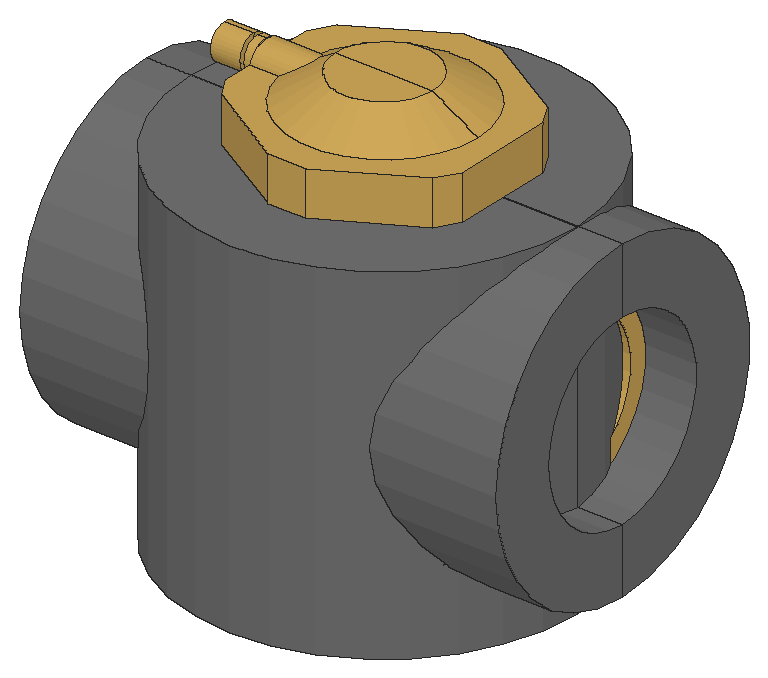
Revit family "Differential Pressure Control Valve 4202 FIX 23kPa", category Rohrzubehör, Revit 2018
Family settings
  Bemaßung runder Anschluss = Durchmesser verwenden
  Teiletyp = Unterbricht
  OmniClass-Nummer = 23.65.55.14
  OmniClass-Titel = Valves for Liquid Services
  Arbeitsebenenbasiert = Nein
  Immer vertikal = Ja
  Beim Laden mit Abzugskörper schneiden = Nein
  Gemeinsam genutzt = Nein
Parameters (values of type "with insulation")
  y2 [instance] = K14 + K9 + H01  # 76.149 mm
  y1 [instance] = (R03 * 2) + R05  # 140.000 mm
  Model = "The differential pressure controller is a straight-version linear controller and works without auxiliary power. The\r\nnominal differential pressure can be continuously adjusted from 50 to 300 mbar and 250 to 600 mbar, respectively.\r\nThe value for the setting can be read from the diagram. The nominal set point is factory preset to a minimum. If\r\nnecessary, the nominal set point can be adjusted using the pre-setting key (1 4002 01). A capillary tube (1000 mm) is\r\nincluded and should be connected to the circuit regulating valve in the supply line."
  Min. operating temperature (anti freeze) = -20 °C  # constant formula
  Max. operating temperature up to DN32 = 130 °C  # constant formula
  Max. operating temperature from DN40 = 110 °C  # constant formula
  Max. differential pressure on the body = 400000.0 Pa  # constant formula
  Max. operating pressure = 2500000.0 Pa  # constant formula
  Valve shaft = "stainless steel 14301"  # constant formula
  URL = "www.herzvalves.com"
  SCRNSEQ = "ARM;ARM_TYP=\"DIFR\";2"
  SCRNCODE = "05;03;4"  # constant formula
  S06 [instance] = 1.000 mm  # constant formula
  S05 [instance] = S01 - 1.000 mm  # 27.500 mm
  S04 [instance] = S02 - 1.000 mm  # 27.000 mm
  S03 [instance] = size_lookup("4202_FIX_23", "S03", 26.500 mm, Nennweite)  # 37.700 mm
  S02 [instance] = size_lookup("4202_FIX_23", "S02", 19.000 mm, Nennweite)  # 28.000 mm
  S01 [instance] = size_lookup("4202_FIX_23", "S01", 17.250 mm, Nennweite)  # 28.500 mm
  Regulator connection nut = "brass CW614N"  # constant formula
  Control range = "FIX 23kPa"  # constant formula
  R06 [instance] = size_lookup("4202_FIX_23", "R06", 14.500 mm, Nennweite)  # 14.500 mm
  R05 [instance] = size_lookup("4202_FIX_23", "R05", 46.000 mm, Nennweite)  # 106.000 mm
  R04 [instance] = size_lookup("4202_FIX_23", "R04", 12.500 mm, Nennweite)  # 14.500 mm
  R03 [instance] = size_lookup("4202_FIX_23", "R03", 10.000 mm, Nennweite)  # 17.000 mm
  R02 = 14.500 mm  # constant formula
  R01 [instance] = size_lookup("4202_FIX_23", "R01", 12.500 mm, Nennweite)  # 33.500 mm
  Min. operating temperature (pure water) = 2 °C  # constant formula
  O-Rings = "EPDM"  # constant formula
  Nennweite [instance] = 50.000 mm
  Membrane body = "brass CW602N"  # constant formula
  Membrane = "EPDM"  # constant formula
  Medium = "Water purity in accordance with the ÖNORM H 5195 and VDI 2035 standards.\r\nEthylene and propylene glycol can be mixed to a ratio of 25 - 50 vol. [%]"
  L2 [instance] = size_lookup("4202_FIX_23", "L2", 161.000 mm, Nennweite)  # 216.500 mm
  L [instance] = size_lookup("4202_FIX_23", "L", 66.000 mm, Nennweite)  # 140.000 mm
  K9 = 4.000 mm  # constant formula
  K8 = 55.000 mm  # constant formula
  K7 = 8.700 mm  # constant formula
  K6 = 11.700 mm  # constant formula
  K5 = 13.000 mm  # constant formula
  K4 = 12.000 mm  # constant formula
  K3 = 15.000 mm  # constant formula
  K2 = 2.350 mm  # constant formula
  K18 = 89.000 mm  # constant formula
  K17 = 66.700 mm  # constant formula
  K16 = 3.000 mm  # constant formula
  K15 = 26.649 mm  # constant formula
  K14 = 16.649 mm  # constant formula
  K13 = 16.649 mm  # constant formula
  K12 = 10.000 mm  # constant formula
  K11 = 35.000 mm  # constant formula
  K10 = 18.250 mm  # constant formula
  K1.1 = 2.350 mm  # constant formula
  K1 = 7.651 mm  # constant formula
  J9 = 15.700 mm  # constant formula
  J8 = 7.850 mm  # constant formula
  J7 = 15.897 mm  # constant formula
  J6 = 3.900 mm  # constant formula
  J5 = 6.500 mm  # constant formula
  J4 = 1.500 mm  # constant formula
  J3 = 3.200 mm  # constant formula
  J2 = 11.000 mm  # constant formula
  J11 = 3.500 mm  # constant formula
  J10 = 18.897 mm  # constant formula
  J1 = 6.500 mm  # constant formula
  Hersteller = "HERZ-Armaturen Ges.m.b.H"  # constant formula
  H2 [instance] = size_lookup("4202_FIX_23", "H2", 28.000 mm, Nennweite)  # 58.000 mm
  H1 [instance] = K1 + K2 + K3 + K4 + K5 + K7 + K8 + K16 + 16.650 mm  # 133.351 mm
  H04 = 4.000 mm  # constant formula
  H03 = 9.800 mm  # constant formula
  H02 [instance] = size_lookup("4202_FIX_23", "H02", 53.000 mm, Nennweite)  # 107.000 mm
  H01 [instance] = size_lookup("4202_FIX_23", "H01", 25.000 mm, Nennweite)  # 55.500 mm
  Body = "DZR brass CC770S"  # constant formula
  G03 [instance] = size_lookup("4202_FIX_23", "G03", 13.200 mm, Nennweite)  # 23.400 mm
  G02 [instance] = size_lookup("4202_FIX_23", "G02", 9.500 mm, Nennweite)  # 28.325 mm
  G01 [instance] = size_lookup("4202_FIX_23", "G01", 13.500 mm, Nennweite)  # 35.000 mm
  Materials = "EPDM gaskets can be affected by mineral oil lubricants and thus lead to failure of the EPDM seals. Please refer\r\nto manufacturers documentation when using ethylene glycol products for frost and corrosion protection."
  Dämmung = yes
  Insulation shell = "EPP (expanded polypropylen)"  # constant formula
  Compression spring = "spring steel, rust and acid persistent"  # constant formula
  DN50 [instance] = Nennweite = 50.000 mm  # yes
  DN40 [instance] = Nennweite = 40.000 mm  # no
  DN32-40 [instance] = or(Nennweite = 32.000 mm, Nennweite = 40.000 mm)  # no
  DN32 [instance] = Nennweite = 32.000 mm  # no
  DN25,32,40 [instance] = or(Nennweite = 25.000 mm, Nennweite = 32.000 mm, Nennweite = 40.000 mm)  # no
  DN25 [instance] = Nennweite = 25.000 mm  # no
  DN20 [instance] = Nennweite = 20.000 mm  # no
  DN15-25 [instance] = or(Nennweite = 15.000 mm, Nennweite = 20.000 mm, Nennweite = 25.000 mm)  # no
  DN15,20,50 [instance] = or(Nennweite = 15.000 mm, Nennweite = 20.000 mm, Nennweite = 50.000 mm)  # yes
  DN15 [instance] = Nennweite = 15.000 mm  # no
  D07 [instance] = if(Nennweite = 15.000 mm, 32.500 mm, if(Nennweite = 20.000 mm, 33.500 mm, if(Nennweite = 25.000 mm, 33.500 mm, if(Nennweite = 32.000 mm, 49.500 mm, if(Nennweite = 40.000 mm, 59.500 mm, if(Nennweite = 50.000 mm, 59.500 mm, 0.000 mm))))))  # 59.500 mm
  D06 [instance] = if(Nennweite = 15.000 mm, 32.500 mm, if(Nennweite = 20.000 mm, 33.500 mm, if(Nennweite = 25.000 mm, 33.500 mm, if(Nennweite = 32.000 mm, 49.500 mm, if(Nennweite = 40.000 mm, 59.500 mm, if(Nennweite = 50.000 mm, 59.500 mm, 0.000 mm))))))  # 59.500 mm
  D05 [instance] = if(Nennweite = 15.000 mm, 36.750 mm, if(Nennweite = 20.000 mm, 40.700 mm, if(Nennweite = 25.000 mm, 49.200 mm, if(Nennweite = 32.000 mm, 54.150 mm, if(Nennweite = 40.000 mm, 60.750 mm, if(Nennweite = 50.000 mm, 72.700 mm, 0.000 mm))))))  # 72.700 mm
  D04 [instance] = if(Nennweite = 15.000 mm, 78.500 mm, if(Nennweite = 20.000 mm, 82.000 mm, if(Nennweite = 25.000 mm, 84.000 mm, if(Nennweite = 32.000 mm, 120.000 mm, if(Nennweite = 40.000 mm, 130.000 mm, if(Nennweite = 50.000 mm, 130.500 mm, 0.000 mm))))))  # 130.500 mm
  D03 [instance] = if(Nennweite = 15.000 mm, 96.000 mm, if(Nennweite = 20.000 mm, 110.000 mm, if(Nennweite = 25.000 mm, 112.000 mm, if(Nennweite = 32.000 mm, 152.000 mm, if(Nennweite = 40.000 mm, 170.000 mm, if(Nennweite = 50.000 mm, 179.000 mm, 0.000 mm))))))  # 179.000 mm
  D02 [instance] = size_lookup("4202_FIX_23", "R05", 41.000 mm, Nennweite)  # 106.000 mm
  D01 [instance] = size_lookup("4202_FIX_23", "G01", 13.220 mm, Nennweite)  # 35.000 mm
  Bestellnummer Dämmung [instance] = if(and(Dämmung, Nennweite = 15.000 mm), 1409611, if(and(Dämmung, Nennweite = 20.000 mm), 1409612, if(and(Dämmung, Nennweite = 25.000 mm), 1409613, if(and(Dämmung, Nennweite = 32.000 mm), 1409614, if(and(Dämmung, Nennweite = 40.000 mm), 1409615, if(and(Dämmung, Nennweite = 50.000 mm), 1409616, 0))))))  # 1409616
  Bestellnummer [instance] = if(Nennweite = 15.000 mm, 1420221, if(Nennweite = 20.000 mm, 1420222, if(Nennweite = 25.000 mm, 1420223, if(Nennweite = 32.000 mm, 1420224, if(Nennweite = 40.000 mm, 1420225, if(Nennweite = 50.000 mm, 1420226, 0))))))  # 1420226
  B2 [instance] = size_lookup("4202_FIX_23", "B2", 31.000 mm, Nennweite)  # 41.000 mm
  B1 [instance] = size_lookup("4202_FIX_23", "B1", 26.000 mm, Nennweite)  # 41.000 mm
  B04 = 100.649 mm  # constant formula
  B03 = 44.500 mm  # constant formula
  B02 = 104.688 mm  # constant formula
  B01 = 10.000 mm  # constant formula
  Application = "Differential pressure controllers are used to stabilize the differential pressure in heating and cooling circuits and ensure the\r\nindependence of the loads from dynamic pressure fluctuations in the system."
  Connection nipple = "brass CW602N"  # constant formula
Types (3, lengths in mm): name | y2 | y1 | Model | S05 | S04 | S03 | S02 | S01 | R05 | R04 | R03 | R01 | Nennweite | Medium | L2 | L | H2 | H02 | H01 | G03 | G02 | G01 | Materials | Dämmung | DN50 | DN15-25 | DN15 | D07 | D06 | D05 | D04 | D03 | D02 | D01 | Bestellnummer Dämmung | Bestellnummer | B2 | B1
  (no name) | 76.149 | 140.000 | "The differential pressure controller is a straight-version linear controller and works without auxiliary power. The\r\nnominal differential pressure can be continuously adjusted from 50 to 300 mbar and 250 to 600 mbar, respectively.\r\nThe value for the setting can be read from the diagram. The nominal set point is factory preset to a minimum. If\r\nnecessary, the nominal set point can be adjusted using the pre-setting key (1 4002 01). A capillary tube (1000 mm) is\r\nincluded and should be connected to the circuit regulating valve in the supply line." | 27.500 | 27.000 | 37.700 | 28.000 | 28.500 | 106.000 | 14.500 | 17.000 | 33.500 | 50.000 | "Water purity in accordance with the ÖNORM H 5195 and VDI 2035 standards.\r\nEthylene and propylene glycol can be mixed to a ratio of 25 - 50 vol. [%]" | 216.500 | 140.000 | 58.000 | 107.000 | 55.500 | 23.400 | 28.325 | 35.000 | "EPDM gaskets can be affected by mineral oil lubricants and thus lead to failure of the EPDM seals. Please refer\r\nto manufacturers documentation when using ethylene glycol products for frost and corrosion protection." | yes | yes | no | no | 59.500 | 59.500 | 72.700 | 130.500 | 179.000 | 106.000 | 35.000 | 1409616 | 1420226 | 41.000 | 41.000
  with insulation | 76.149 | 140.000 | "The differential pressure controller is a straight-version linear controller and works without auxiliary power. The\r\nnominal differential pressure can be continuously adjusted from 50 to 300 mbar and 250 to 600 mbar, respectively.\r\nThe value for the setting can be read from the diagram. The nominal set point is factory preset to a minimum. If\r\nnecessary, the nominal set point can be adjusted using the pre-setting key (1 4002 01). A capillary tube (1000 mm) is\r\nincluded and should be connected to the circuit regulating valve in the supply line." | 27.500 | 27.000 | 37.700 | 28.000 | 28.500 | 106.000 | 14.500 | 17.000 | 33.500 | 50.000 | "Water purity in accordance with the ÖNORM H 5195 and VDI 2035 standards.\r\nEthylene and propylene glycol can be mixed to a ratio of 25 - 50 vol. [%]" | 216.500 | 140.000 | 58.000 | 107.000 | 55.500 | 23.400 | 28.325 | 35.000 | "EPDM gaskets can be affected by mineral oil lubricants and thus lead to failure of the EPDM seals. Please refer\r\nto manufacturers documentation when using ethylene glycol products for frost and corrosion protection." | yes | yes | no | no | 59.500 | 59.500 | 72.700 | 130.500 | 179.000 | 106.000 | 35.000 | 1409616 | 1420226 | 41.000 | 41.000
  without insulation | 49.149 | 66.000 | "The differential pressure controller is a straight-version linear controller and works without auxiliary power. The\r\nnominal differential pressure can be continuously adjusted from 50 to 300 mbar and 250 to 600 mbar, respectively.\r\nThe value for the setting can be read from the diagram. The nominal set point is factory preset to a minimum. If\r\nnecessary, the nominal set point can be adjusted using the pre-setting key (1 4002 01). A capillary (1000 mm) is\r\nincluded and should be connected to the circuit regulating valve in the flow." | 16.250 | 18.000 | 25.600 | 19.000 | 17.250 | 46.000 | 12.500 | 10.000 | 12.500 | 15.000 | "Water purity in accordance with the ÖNORM H 5195 and VDI 2035 standards\r\nEthylene and propylene glycol can be mixed to a ratio of 25 - 50 vol. [%]" | 161.000 | 66.000 | 28.000 | 53.000 | 28.500 | 13.200 | 9.500 | 13.500 | "EPDM gaskets can be affected by Mineral oils lubricants and thus lead to failure of the EPDM seals. Please refer\r\nto manufacturers documentation when using ethylene glycol products for frost and corrosion protection" | no | no | yes | yes | 32.500 | 32.500 | 36.750 | 78.500 | 96.000 | 46.000 | 13.500 | 0 | 1420221 | 31.000 | 26.000
Reference planes
  plane 1 "Mitte (Vorne/hinten)": y = 0
  plane 2: z = 0
  plane 3 "Mitte (Links/rechts)": x = 0
Forms (mm)
  Revolve 1, solid, material "Messing, weicher Gelbton, geschweißt", detail levels fine
    sketch origin (0, 0, 0) x (1, 0, 0) y (0, 0, 1)
      loop
        line (-46.6, 0) -> (46.6, 0) -> (46.6, 28.325) -> (70, 28.325) -> (70, 35) -> (53, 35) -> (53, 33.5) -> (-53, 33.5) -> (-53, 35) -> (-70, 35) -> (-70, 28.325) -> (-46.6, 28.325) -> (-46.6, 0)
      axis (-70, 0) -> (70, 0)
    angle from 0 to 360
  Revolve 2, solid, material "Messing, weicher Gelbton, geschweißt", detail levels fine
    sketch origin (0, 0, 0) x (1, 0, 0) y (0, 0, 1)
      loop
        line (0, -58) -> (0, 0) -> (-27, 0) -> (-27, -48.2) -> (-28, -48.2) -> (-28, -58) -> (0, -58)
      axis (0, 0) -> (0, -58)
    angle from 0 to 360
  Extrusion 3, solid, material "Messing, weicher Gelbton, geschweißt", detail levels fine
    sketch origin (0, 0, 0) x (0, -1, 0) y (1, 0, 0)
      loop
        line (-46, -7.038) -> (-27.114, -39.75) -> (-18.886, -44.5) -> (18.886, -44.5) -> (27.114, -39.75) -> (46, -7.038) -> (46, 7.038) -> (27.114, 39.75) -> (18.886, 44.5) -> (-18.886, 44.5) -> (-27.114, 39.75) -> (-46, 7.038) -> (-46, -7.038)
    from 59.5 to 76.149
  Revolve 4, solid, material "Messing, weicher Gelbton, geschweißt", detail levels fine
    sketch origin (0, 0, -7.051) x (1, 0, 0) y (0, 0, 1)
      loop
        line (0, 83.2) -> (0, 93.2) -> (-18.25, 93.2) -> (-35, 83.2) -> (0, 83.2)
      axis (0, 93.2) -> (0, 83.2)
    angle from 0 to 360
  Revolve 5, solid, material "Messing, weicher Gelbton, geschweißt", visible <- "DN15-25", detail levels fine
    sketch origin (-11, 0, 0) x (1, 0, 0) y (0, 1, 0)
      loop
        line (-3.5, 41) -> (-11.2, 41) -> (-11.2, 0) -> (-3.5, 0) -> (-3.5, 41)
      axis (-3.5, 0) -> (-3.5, 41)
    angle from 0 to 360
  Revolve 6, solid, material "Messing, weicher Gelbton, geschweißt", detail levels fine
    sketch origin (-0.988, 0, -6.853) x (-1, 0, 0) y (0, 0, 1)
      loop
        line (43.5, 82.25) -> (59.2, 82.25) -> (59.2, 88.75) -> (48.2, 88.75) -> (48.2, 86.15) -> (46.7, 86.15) -> (46.7, 88.75) -> (43.5, 88.75) -> (43.5, 82.25)
      axis (43.5, 82.25) -> (59.2, 82.25)
    angle from 0 to 360
  Extrusion 7, solid, material "Messing, weicher Gelbton, geschweißt", detail levels fine
    sketch origin (0, 0, 0) x (0, 1, 0) y (0, 0, -1)
      loop
        line (7.85, -74.047) -> (7.85, -63) -> (-7.85, -63) -> (-7.85, -74.047)
        arc (-7.85, -74.047) -> (0, -81.897) -> (7.85, -74.047) r 7.85
    from 0 to 44.5
  Revolve 8, solid, material "Messing, weicher Gelbton, geschweißt", visible <- "DN15-25", detail levels fine
    sketch origin (-2, 0, 0) x (1, 0, 0) y (0, 1, 0)
      loop
        line (-12.5, 0) -> (-21.5, 0) -> (-21.5, -41) -> (-12.5, -41) -> (-12.5, 0)
      axis (-12.5, 0) -> (-12.5, -41)
    angle from 0 to 360
  Revolve 9, solid, material "Messing, weicher Gelbton, geschweißt", visible <- "DN15-25", detail levels fine
    sketch origin (2, 0, 0) x (1, 0, 0) y (0, 1, 0)
      loop
        line (12.5, 0) -> (12.5, -41) -> (21.6, -41) -> (21.6, 0) -> (12.5, 0)
      axis (12.5, 0) -> (12.5, -41)
    angle from 0 to 360
  Extrusion 10, solid, material "Messing, weicher Gelbton, geschweißt", visible <- "DN32", detail levels fine
    sketch origin (-31.5, 0, 0) x (1, 0, 0) y (0, 1, 0)
      loop
        circle (63, 0) r 6.578
      loop
        circle (63, 0) r 3.28
    from -47 to 0
  Extrusion 11, solid, material "Messing, weicher Gelbton, geschweißt", visible <- "DN32", detail levels fine
    sketch origin (31.5, 0, 0) x (-1, 0, 0) y (0, -1, 0)
      loop
        circle (63, 0) r 6.578
      loop
        circle (63, 0) r 3.28
    from -47 to 0
  Revolve 12, solid, material "Messing, weicher Gelbton, geschweißt", detail levels fine
    sketch origin (0, 0, 0) x (1, 0, 0) y (0, 0, 1)
      loop
        line (-27.5, 0) -> (0, 0) -> (0, 59.5) -> (-23.5, 59.5) -> (-23.5, 55.5) -> (-28.5, 55.5) -> (-28.5, 45.7) -> (-27.5, 45.7) -> (-27.5, 0)
      axis (0, 59.5) -> (0, 0)
    angle from 0 to 360
  Extrusion 13, solid, material "Messing, weicher Gelbton, geschweißt", visible <- "DN40", detail levels fine
    sketch origin (29.382, 0, 0) x (-1, 0, 0) y (0, -1, 0)
      loop
        circle (63, 0) r 6.578
      loop
        circle (63, 0) r 3.28
    from -58 to 0
  Extrusion 14, solid, material "Messing, weicher Gelbton, geschweißt", visible <- "DN40", detail levels fine
    sketch origin (-29.455, 0, 0) x (1, 0, 0) y (0, 1, 0)
      loop
        circle (63, 0) r 6.578
      loop
        circle (63, 0) r 3.28
    from -58 to 0
  Extrusion 15, solid, material "Messing, weicher Gelbton, geschweißt", visible <- "DN50", detail levels fine
    sketch origin (28.422, 0, 0) x (-1, 0, 0) y (0, -1, 0)
      loop
        circle (63, 0) r 6.578
      loop
        circle (63, 0) r 3.28
    from -58 to 0
  Extrusion 16, solid, material "Messing, weicher Gelbton, geschweißt", visible <- "DN50", detail levels fine
    sketch origin (-28.422, 0, 0) x (1, 0, 0) y (0, 1, 0)
      loop
        circle (63, 0) r 6.578
      loop
        circle (63, 0) r 3.28
    from -58 to 0
  Revolve 17, solid, material "Messing, weicher Gelbton, geschweißt", visible <- "DN32-40", detail levels fine
    sketch origin (-11, 0, 0) x (1, 0, 0) y (0, 1, 0)
      loop
        line (-3.5, -41) -> (-3.5, 0) -> (-11.2, 0) -> (-11.2, -41) -> (-3.5, -41)
      axis (-3.5, 0) -> (-3.5, -41)
    angle from 0 to 360
  Revolve 18, solid, material "Kunststoff-Anthrazit/Schwarz", visible <- "Dämmung"
    sketch origin (0, 0, 0) x (1, 0, 0) y (0, 0, 1)
      loop
        line (0, -71) -> (72.7, -71) -> (72.7, 59.5) -> (0, 59.5) -> (0, -71)
      axis (0, 59.5) -> (0, -71)
    angle from 0 to 360
  Revolve 19, solid, material "Kunststoff-Anthrazit/Schwarz", visible <- "Dämmung"
    sketch origin (0, 0, 0) x (1, 0, 0) y (0, 0, 1)
      loop
        line (-89.5, 59.5) -> (-89.5, 35) -> (-53, 35) -> (-53, 0) -> (0, 0) -> (53, 0) -> (53, 35) -> (89.5, 35) -> (89.5, 59.5) -> (-89.5, 59.5)
      axis (-89.5, 0) -> (89.5, 0)
    angle from 0 to 360
Lines and regions (mm)
  model lines, detail levels coarse+medium
    curve 1: line (70, -35, 0) -> (70, 35, 0)
    curve 2: line (70, 35, 0) -> (-70, -35, 0)
    curve 3: line (-70, -35, 0) -> (-70, 35, 0)
    curve 4: line (-70, 35, 0) -> (70, -35, 0)
    curve 5: line (0, -45.5, 0) -> (0, -59.5, 0)
    curve 6: spline (-44.5, -67.824, 0) -> (-42.984, -65.67, 0) -> (-38.538, -63.662, 0) -> (-31.466, -61.938, 0) -> (-22.25, -60.615, 0) -> (-11.517, -59.784, 0) -> (0, -59.5, 0) -> (11.517, -59.784, 0) -> (22.25, -60.615, 0) -> (31.466, -61.938, 0) -> (38.538, -63.662, 0) -> (42.984, -65.67, 0) -> (44.5, -67.825, 0) -> (42.984, -69.979, 0) -> (38.538, -71.987, 0) -> (31.466, -73.711, 0) -> (22.25, -75.034, 0) -> (11.517, -75.865, 0) -> (0, -76.149, 0) -> (-11.517, -75.865, 0) -> (-22.25, -75.034, 0) -> (-31.466, -73.711, 0) -> (-38.538, -71.987, 0) -> (-42.984, -69.979, 0) -> (-44.5, -67.824, 0)
    curve 7: line (0, 0, 35) -> (0, 0, 59.5)
    curve 8: spline (-44.5, 0, 67.825) -> (-42.984, 0, 69.979) -> (-38.538, 0, 71.987) -> (-31.466, 0, 73.711) -> (-22.25, 0, 75.034) -> (-11.517, 0, 75.865) -> (0, 0, 76.149) -> (11.517, 0, 75.865) -> (22.25, 0, 75.034) -> (31.466, 0, 73.711) -> (38.538, 0, 71.987) -> (42.984, 0, 69.979) -> (44.5, 0, 67.824) -> (42.984, 0, 65.67) -> (38.538, 0, 63.662) -> (31.466, 0, 61.938) -> (22.25, 0, 60.615) -> (11.517, 0, 59.784) -> (0, 0, 59.5) -> (-11.517, 0, 59.784) -> (-22.25, 0, 60.615) -> (-31.466, 0, 61.938) -> (-38.538, 0, 63.662) -> (-42.984, 0, 65.67) -> (-44.5, 0, 67.825)
    curve 9: line (0, 0, 35) -> (35, 0, 17.5)
    curve 10: line (0, 0, 35) -> (-35, 0, 17.5)
    curve 11: line (0, -45.5, 0) -> (-18.2, -9.1, 0)
    curve 12: line (0, -45.5, 0) -> (18.2, -9.1, 0)
    curve 13: line (-70, 0, 35) -> (70, 0, -35)
    curve 14: line (70, 0, -35) -> (70, 0, 35)
    curve 15: line (70, 0, 35) -> (-70, 0, -35)
    curve 16: line (-70, 0, -35) -> (-70, 0, 35)
Dimensions and locks
  "G01": Revolve 1 sketch curve to Revolve 1 sketch curve  (x2)
  "R01": Revolve 1 sketch curve to Revolve 1 sketch curve
  "R03": Revolve 1 sketch curve to Revolve 1 sketch curve  (x2)
  "K10": Revolve 4 sketch curve to Revolve 4 sketch curve
  "K11": Revolve 4 sketch curve to Revolve 4 sketch curve
  "B1": Revolve 5 sketch curve to Revolve 5 sketch curve
  "J1": Revolve 6 sketch curve to Revolve 6 sketch curve
  "J3": Revolve 6 sketch curve to Revolve 6 sketch curve
  "J4": Revolve 6 sketch curve to Revolve 6 sketch curve
  "J2": Revolve 6 sketch curve to Revolve 6 sketch curve
  "J5": Revolve 6 sketch curve to Revolve 6 sketch curve
  "J6": Revolve 6 sketch curve to Revolve 6 sketch curve
  "H2": plane 2 to Revolve 2 sketch curve
  "H03": Revolve 2 sketch curve to Revolve 2 sketch curve
  "S02": plane 3 "Mitte (Links/rechts)" to Revolve 2 sketch curve
  "B02": Revolve 6 to Extrusion 3
  "B03": Extrusion 3 to plane 3 "Mitte (Links/rechts)"
  "R04": Revolve 5 sketch curve to plane 3 "Mitte (Links/rechts)"
  "K12": Revolve 4 sketch curve to Revolve 4 sketch curve
  "K13": Revolve 4 sketch curve to Extrusion 3
  "K14": Extrusion 3 to Extrusion 3
  "R05": Revolve 1 sketch curve to Revolve 1 sketch curve
  equal spacing: Revolve 1 sketch curve, plane 3 "Mitte (Links/rechts)", Revolve 1 sketch curve
  "B2": plane 1 "Mitte (Vorne/hinten)" to Revolve 8 sketch curve
  "B2": Revolve 9 sketch curve to plane 1 "Mitte (Vorne/hinten)"
  "R06": Revolve 8 sketch curve to plane 3 "Mitte (Links/rechts)"
  "R06": plane 3 "Mitte (Links/rechts)" to Revolve 9 sketch curve
  "S01": Revolve 12 sketch curve to plane 3 "Mitte (Links/rechts)"
  "S05": plane 3 "Mitte (Links/rechts)" to Revolve 12 sketch curve
  "H04": Revolve 12 sketch curve to Revolve 12 sketch curve
  "H03": Revolve 12 sketch curve to Revolve 12 sketch curve
  "H01": Revolve 12 sketch curve to plane 2
  "K9": Extrusion 3 to Revolve 12
  "S06": Revolve 2 sketch curve to Revolve 2 sketch curve
  "J7": Revolve 6 sketch curve to Extrusion 3
  "J9": Extrusion 7 sketch curve to Extrusion 7 sketch curve
  "J10": Revolve 6 to Extrusion 7 sketch curve
  "J11": Extrusion 7 sketch curve to Extrusion 3
  "K18": Extrusion 3 to Extrusion 3
  "K18": curve 8 to curve 8
  "G01": curve 10 to plane 2
  "K14": curve 8 to curve 8
  "y2": curve 8 to plane 2
  "G01": plane 1 "Mitte (Vorne/hinten)" to curve 4
  "G01": curve 3 to plane 1 "Mitte (Vorne/hinten)"
  equal spacing: curve 3, curve 8, curve 1
  equal spacing: curve 3, curve 12, curve 1
  "y1": curve 3 to curve 1
  "G01": plane 1 "Mitte (Vorne/hinten)" to curve 2
  "G01": curve 4 to plane 1 "Mitte (Vorne/hinten)"
  "K18": curve 6 to curve 6
  "K14": curve 6 to curve 6
  "y2": curve 6 to plane 1 "Mitte (Vorne/hinten)"
  "B1": Revolve 17 sketch curve to Revolve 17 sketch curve
  "R04": Revolve 17 sketch curve to plane 3 "Mitte (Links/rechts)"
  "G02": Revolve 1 sketch curve to plane 2  (x2)
  "G03": Revolve 1 sketch curve to Revolve 1 sketch curve  (x2)
  Revolve 1 sketch curve to Revolve 1 sketch curve = 140.000 mm
  equal spacing: curve 10, plane 3 "Mitte (Links/rechts)", curve 9
  "L": curve 14 to curve 16
  equal spacing: curve 14, curve 6, curve 16
  equal spacing: curve 14, curve 9, curve 10, curve 10, curve 16
  "G01": curve 16 to plane 2
  "G01": plane 2 to curve 16
  "G01": curve 15 to plane 2
  "G01": plane 2 to curve 14
  "D06": Revolve 18 sketch curve to plane 2
  "D04": Revolve 18 sketch curve to Revolve 18 sketch curve
  "D05": Revolve 18 sketch curve to Revolve 18 sketch curve
  "D07": Revolve 19 sketch curve to plane 2
  "D01": Revolve 19 sketch curve to plane 2  (x2)
  "D02": Revolve 19 sketch curve to Revolve 19 sketch curve
  "D03": Revolve 19 sketch curve to Revolve 19 sketch curve
  equal spacing: Revolve 19 sketch curve, plane 3 "Mitte (Links/rechts)", Revolve 19 sketch curve  (x2)
  "J8": radius of Extrusion 7 sketch curve
  aligned and locked: level to plane 2
Automatic sketch dimensions
  plane 3 "Mitte (Links/rechts)" to Extrusion 3 sketch curve = 7.038 mm  (x2)
  Extrusion 3 sketch curve to plane 1 "Mitte (Vorne/hinten)" = 46.000 mm
  Extrusion 3 sketch curve to plane 1 "Mitte (Vorne/hinten)" = 27.114 mm  (x2)
  Extrusion 3 sketch curve to Extrusion 3 sketch curve = 8.227 mm  (x4)
  plane 1 "Mitte (Vorne/hinten)" to Extrusion 3 sketch curve = 18.886 mm  (x2)
  Extrusion 3 sketch curve to Extrusion 3 sketch curve = 18.886 mm
  Extrusion 3 sketch curve to plane 3 "Mitte (Links/rechts)" = 7.038 mm  (x2)
  Extrusion 3 sketch curve to Extrusion 3 sketch curve = 32.712 mm  (x4)
  Extrusion 3 sketch curve to Extrusion 3 sketch curve = 4.750 mm  (x2)
  Extrusion 10 sketch curve to Extrusion 10 sketch curve = 0.000 mm  (x2)
  plane 1 "Mitte (Vorne/hinten)" to Extrusion 10 sketch curve = 0.000 mm
  plane 3 "Mitte (Links/rechts)" to Extrusion 10 sketch curve = 31.500 mm
  Extrusion 11 sketch curve to Extrusion 11 sketch curve = 0.000 mm  (x2)
  plane 1 "Mitte (Vorne/hinten)" to Extrusion 11 sketch curve = 0.000 mm
  plane 3 "Mitte (Links/rechts)" to Extrusion 11 sketch curve = 31.500 mm
  Extrusion 13 sketch curve to Extrusion 13 sketch curve = 0.000 mm  (x2)
  plane 1 "Mitte (Vorne/hinten)" to Extrusion 13 sketch curve = 0.000 mm
  plane 3 "Mitte (Links/rechts)" to Extrusion 13 sketch curve = 33.618 mm
  Extrusion 14 sketch curve to Extrusion 14 sketch curve = 0.000 mm  (x2)
  plane 1 "Mitte (Vorne/hinten)" to Extrusion 14 sketch curve = 0.000 mm
  plane 3 "Mitte (Links/rechts)" to Extrusion 14 sketch curve = 33.545 mm
  Extrusion 15 sketch curve to Extrusion 15 sketch curve = 0.000 mm  (x2)
  plane 1 "Mitte (Vorne/hinten)" to Extrusion 15 sketch curve = 0.000 mm
  plane 3 "Mitte (Links/rechts)" to Extrusion 15 sketch curve = 34.578 mm
  Extrusion 16 sketch curve to Extrusion 16 sketch curve = 0.000 mm  (x2)
  plane 1 "Mitte (Vorne/hinten)" to Extrusion 16 sketch curve = 0.000 mm
  plane 3 "Mitte (Links/rechts)" to Extrusion 16 sketch curve = 34.578 mm
  curve 8 to plane 3 "Mitte (Links/rechts)" = 0.000 mm
  curve 11 to plane 3 "Mitte (Links/rechts)" = 0.000 mm
  curve 6 to plane 3 "Mitte (Links/rechts)" = 0.000 mm
  curve 5 to curve 12 = 14.000 mm
  Revolve 1 sketch curve to level = 0.000 mm  (x2)
  Revolve 1 sketch curve to Revolve 1 sketch curve = 1473.530 mm
  Revolve 1 sketch curve to Revolve 1 sketch curve = 1806.148 mm
  Revolve 2 sketch curve to level = 0.000 mm
  Revolve 2 sketch curve to plane 3 "Mitte (Links/rechts)" = 0.000 mm  (x2)
  Revolve 2 sketch curve to Revolve 2 sketch curve = 1.000 mm
  Revolve 2 sketch curve to Revolve 2 sketch curve = 334.045 mm
  level to Revolve 2 sketch curve = 2218.015 mm
  Revolve 4 sketch curve to plane 3 "Mitte (Links/rechts)" = 0.000 mm  (x2)
  Revolve 4 sketch curve to level = 373.096 mm
  Revolve 4 sketch curve to Revolve 4 sketch curve = 2155.315 mm
  plane 1 "Mitte (Vorne/hinten)" to Revolve 5 sketch curve = 0.000 mm  (x2)
  Revolve 5 sketch curve to Revolve 5 sketch curve = 0.000 mm  (x2)
  Revolve 5 sketch curve to Revolve 5 sketch curve = 7.700 mm
  plane 3 "Mitte (Links/rechts)" to Revolve 6 sketch curve = 44.488 mm
  Revolve 6 sketch curve to Revolve 6 sketch curve = 0.000 mm  (x3)
  Extrusion 7 sketch curve to plane 1 "Mitte (Vorne/hinten)" = 0.000 mm
  Extrusion 7 sketch curve to Extrusion 7 sketch curve = 11.047 mm
  Extrusion 7 sketch curve to Extrusion 7 sketch curve = 0.000 mm
  plane 1 "Mitte (Vorne/hinten)" to Revolve 8 sketch curve = 0.000 mm  (x2)
  Revolve 8 sketch curve to Revolve 8 sketch curve = 9.000 mm
  Revolve 8 sketch curve to Revolve 8 sketch curve = 0.000 mm  (x2)
  plane 1 "Mitte (Vorne/hinten)" to Revolve 9 sketch curve = 0.000 mm  (x2)
  Revolve 9 sketch curve to Revolve 9 sketch curve = 9.100 mm
  Revolve 9 sketch curve to Revolve 9 sketch curve = 0.000 mm  (x2)
  Revolve 12 sketch curve to level = 0.000 mm  (x2)
  Revolve 12 sketch curve to plane 3 "Mitte (Links/rechts)" = 0.000 mm  (x2)
  Revolve 12 sketch curve to Revolve 12 sketch curve = 5.000 mm
  Revolve 12 sketch curve to Revolve 12 sketch curve = 0.000 mm
  plane 1 "Mitte (Vorne/hinten)" to Revolve 17 sketch curve = 0.000 mm  (x2)
  Revolve 17 sketch curve to Revolve 17 sketch curve = 7.700 mm
  Revolve 17 sketch curve to Revolve 17 sketch curve = 0.000 mm  (x2)
  Revolve 18 sketch curve to plane 3 "Mitte (Links/rechts)" = 0.000 mm  (x2)
  Revolve 18 sketch curve to Revolve 18 sketch curve = 13.423 mm
  Revolve 18 sketch curve to Revolve 18 sketch curve = 0.000 mm
  Revolve 19 sketch curve to level = 0.000 mm  (x2)
  Revolve 19 sketch curve to plane 3 "Mitte (Links/rechts)" = 0.000 mm
  Revolve 19 sketch curve to Revolve 19 sketch curve = 0.000 mm  (x2)
  radius of Extrusion 10 sketch curve = 6.578 mm
  radius of Extrusion 10 sketch curve = 3.280 mm
  radius of Extrusion 11 sketch curve = 6.578 mm
  radius of Extrusion 11 sketch curve = 3.280 mm
  radius of Extrusion 13 sketch curve = 6.578 mm
  radius of Extrusion 13 sketch curve = 3.280 mm
  radius of Extrusion 14 sketch curve = 6.578 mm
  radius of Extrusion 14 sketch curve = 3.280 mm
  radius of Extrusion 15 sketch curve = 6.578 mm
  radius of Extrusion 15 sketch curve = 3.280 mm
  radius of Extrusion 16 sketch curve = 6.578 mm
  radius of Extrusion 16 sketch curve = 3.280 mm
Nested families
  nested 1: "Herz-Logo-vorne" at (-0.018, 17.815, -12.904) x (0, -1, 0) z (0, 0, 1), type "Herz-Logo-vorne", detail levels fine
  nested 2: "Herz-Logo-vorne" at (-0.018, 24.058, 0) x (0, -1, 0) z (0, 0, 1), visible <- "DN32", type "Herz-Logo-vorne", detail levels fine
  nested 3: "Herz-Logo-vorne" at (-0.018, 33.471, 0) x (0, -1, 0) z (0, 0, 1), visible <- "DN50", type "Herz-Logo-vorne", detail levels fine
  nested 4: "Herz-Logo-vorne" at (-0.018, 26.482, 0) x (0, -1, 0) z (0, 0, 1), visible <- "DN40", type "Herz-Logo-vorne", detail levels fine
Connectors
  piping at (70, 0, 0), diameter 50, driven by "Nennweite"
    settings: on Revolve 1, index 1, connector inside diameter 609.6 mm, connector length 0.000 mm, flow factor 0, pipe flow 0.0 L/s, pressure drop 0.0 Pa, fitting loss kfactor 0, connector angle 0.00°, fixture units 0, engagement length 0.000 mm, angle of deflection 0.00°, flow configuration 0, flow direction 2, fitting loss method 0, system type 29, joint type 0, gender type 0, connector reference index -1, connector utility 0, adjustable connector no, is connector primary yes, connector description ""
  piping at (-70, 0, 0), diameter 50, driven by "Nennweite"
    settings: on Revolve 1, index 2, connector inside diameter 609.6 mm, connector length 0.000 mm, flow factor 0, pipe flow 0.0 L/s, pressure drop 0.0 Pa, fitting loss kfactor 0, connector angle 0.00°, fixture units 0, engagement length 0.000 mm, angle of deflection 0.00°, flow configuration 0, flow direction 1, fitting loss method 0, system type 7, joint type 0, gender type 0, connector reference index -1, connector utility 0, adjustable connector no, is connector primary no, connector description ""
Definition of nested family "Herz-Logo-vorne"
  Reference planes
    plane 1 "Mitte (Vorne/hinten)": y = 0
    plane 2: z = 0
    plane 3 "Mitte (Links/rechts)": x = 0
  Forms (mm)
    Extrusion 1, solid
      sketch origin (0.732, -0.018, 0.017) x (0, -1, 0) y (0, 0, 1)
        loop
          line (-0.018, -4.517) -> (4.482, -4.517) -> (4.482, 4.483) -> (-4.518, 4.483) -> (-4.518, -4.517) -> (-0.018, -4.517)
        loop
          line (-0.05, -3.48) -> (3.482, -3.48) -> (3.482, 3.483) -> (-3.518, 3.483) -> (-3.518, -3.48) -> (-0.05, -3.48)
        loop
          arc (-0.018, 2.383) -> (-1.543, 3.287) -> (-3.067, 2.383) r 1.738
          arc (-3.067, 2.383) -> (-3.191, 1.899) -> (-3.067, 1.415) r 1.009
          line (-3.067, 1.415) -> (-0.018, -3.281) -> (3.032, 1.415)
          arc (3.032, 1.415) -> (3.156, 1.899) -> (3.032, 2.383) r 1.009
          arc (3.032, 2.383) -> (1.507, 3.287) -> (-0.018, 2.383) r 1.738
        loop
          arc (1.885, 1.272) -> (2.005, 1.675) -> (1.885, 2.079) r 0.74
          arc (1.885, 2.079) -> (1.265, 2.416) -> (0.644, 2.079) r 0.74
          line (0.644, 2.079) -> (-0.018, 0.97) -> (-0.679, 2.079)
          arc (-0.679, 2.079) -> (-1.3, 2.416) -> (-1.921, 2.079) r 0.74
          arc (-1.921, 2.079) -> (-2.04, 1.675) -> (-1.921, 1.272) r 0.74
          line (-1.921, 1.272) -> (-0.018, -1.658) -> (1.885, 1.272)
      from 0 to 1.5
  Dimensions and locks
    aligned and locked: level to plane 2
